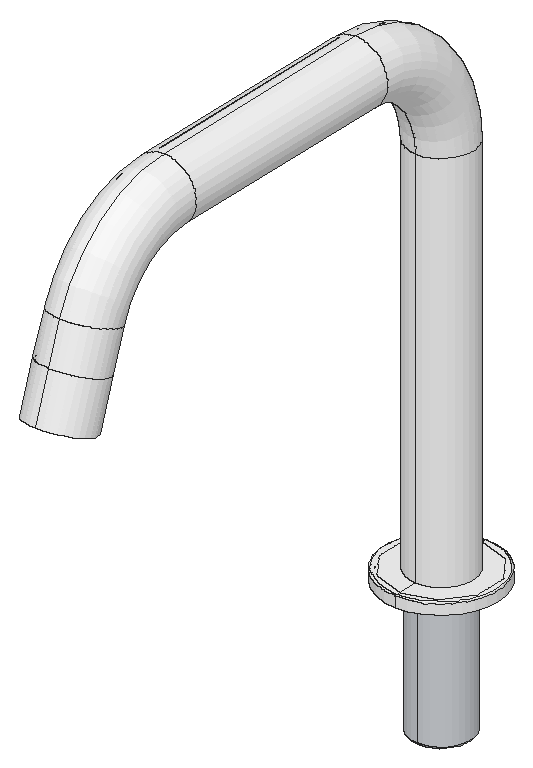
Revit family "Reece_Tap_Mizu_Drift_Bath Hob Outlet_Gooseneck", category Plumbing Fixtures, host Face, Revit 2018
Family settings
  Host = Face
  Round Connector Dimension = Use Diameter
  Part Type = Normal
  Cut with Voids When Loaded = No
  Shared = Yes
  Room Calculation Point = Yes
Parameters (values of type "210 mm_Chrome")
  WFU = 0  # constant formula
  URL = "https://www.reece.com.au/product/-9503823"
  Type Comments = "Tap"
  Reece_Tap_Reach = 210 mm  # constant formula
  Reece_Tap_Inlet = 14.2 mm  # constant formula
  Reece_Tap_Clearance = 153 mm  # constant formula
  Reece_Product_Web Page = "https://www.reece.com.au/product/-9503823"
  Reece_Product_Type = "Tap"
  Reece_Product_Sub Brand = "Drift"
  Reece_Product_Number = "9503823"
  Reece_Product_Mount = "Hob Mounted"
  Reece_Product_Description = "Mizu Drift Gooseneck Hob Bath Outlet Chrome"
  Reece_Product_Brand = "Mizu"
  Reece_Overall_Length = 249 mm  # constant formula
  Reece_Overall_Height = 235 mm  # constant formula
  Reece_Material_Main = Reece_Brass_Chrome
  Reece_Detail_Shape = "Gooseneck"
  Reece_Detail_Installation = ""
  Reece_Detail_Disclaimer = "THIS FILE IS THE PROPERTY OF THE REECE GROUP. IT MAY NOT BE REPRODUCED, REVERSE-ENGINEERED OR MODIFIED. ANY REPUBLICATION, TRANSMISSION OR DISTRIBUTION FOR THE PURPOSE OF COMMERCIALLY EXPLOITING THE FILES IS PROHIBITED."  # constant formula
  Reece_Detail_Connector = ""
  Reece_Detail_Additional = ""
  Reece_Base_Plate_Radius = 25 mm
  Model = "Drift"
  Manufacturer = "Mizu"
  Keynote = "Product #9503823, Reece_Tap_Mizu_Drift_Bath Hob Outlet_Gooseneck - 210 mm_Chrome"
  HWFU = 0  # constant formula
  Disclaimer = "THIS FILE IS THE PROPERTY OF THE REECE GROUP. IT MAY NOT BE REPRODUCED, REVERSE-ENGINEERED OR MODIFIED. ANY REPUBLICATION, TRANSMISSION OR DISTRIBUTION FOR THE PURPOSE OF COMMERCIALLY EXPLOITING THE FILES IS PROHIBITED."  # constant formula
  Description = "Bath Hob Outlet"
  Default Elevation = 1000 mm
  CWFU = 0  # constant formula
Reference planes
  plane 1 "Center (Front/Back)": y = 0
  plane 2 "Bottom": z = 0
  plane 3 "Center (Left/Right)": x = 0
  plane 4 "Top": z = 235
  plane 5 "Nozzel Reach": y = -210
  plane 6 "Nozzel Clearance": z = 153
Forms (mm)
  Revolve 1, solid, material "Reece_Brass_Chrome" <- "Reece_Material_Main"
    sketch origin (0, 0, 23) x (0, 1, 0) y (0, 0, 1)
      loop
        line (23, -18) -> (14, -18) -> (14, -19.954) -> (23, -19.954) -> (23, -23) -> (25, -23) -> (25, -18.5)
        arc (25, -18.5) -> (24.854, -18.146) -> (24.5, -18) r 0.5
        line (24.5, -18) -> (23, -18)
      axis (0, -18) -> (0, -23)
    angle from 0 to 360
  Sweep 2, solid, material "Reece_Brass_Chrome" <- "Reece_Material_Main"
    path origin (0, 57.354, -36.013) x (0, 0, 1) y (0, -1, 0)
      loop
        line (36.013, 57.354) -> (210.013, 57.354)
        arc (210.013, 57.354) -> (243.247, 71.12) -> (257.013, 104.354) r 47
        line (257.013, 104.354) -> (257.013, 209.694)
        arc (257.013, 209.694) -> (248.514, 236.652) -> (226.088, 253.859) r 47
        line (226.088, 253.859) -> (209.217, 260)
    profile origin (0, 0, 87) x (0, -1, 0) y (1, 0, 0)
      loop
        circle (0, 0) r 14
      loop
        circle (0, 0) r 13
  Sweep 3, solid, material "Reece_Brass_Chrome" <- "Reece_Material_Main"
    path origin (0, 57.373, -9.437) x (0, 0, 1) y (0, -1, 0)
      loop
        line (182.64, 260.019) -> (162.437, 267.373)
    profile origin (0, -206.323, 163.102) x (0, 0.939693, -0.34202) y (1, 0, 0)
      loop
        circle (0, 0) r 14
      loop
        circle (0, 0) r 10
  Extrusion 4, solid, material "Reece_Brass_Chrome" <- "Reece_Material_Main"
    sketch origin (0, -210, 153) x (1, 0, 0) y (0, -0.939693, 0.34202)
      loop
        circle (0, 0) r 10
    from -4.511 to -8.278
  Revolve 5, void
    sketch origin (0, 0, 39.453) x (0, 1, 0) y (0, 0, 1)
      loop
        line (-13, -39.453) -> (-13, -79.453) -> (0, -79.453) -> (0, -39.453) -> (-13, -39.453)
      axis (0, -39.453) -> (0, -79.453)
    angle from 0 to 360
  Revolve 6, solid
    sketch origin (0, 0, 39.453) x (0, 1, 0) y (0, 0, 1)
      loop
        line (-13, -39.453) -> (-13, -98.203) -> (-12, -99.203) -> (-7.25, -99.203) -> (-7.25, -40.453) -> (0, -40.453) -> (0, -39.453) -> (-13, -39.453)
      axis (0, -39.453) -> (0, -99.203)
    angle from 0 to 360
Text (mm)
  text "Reece Copyright © 2018, Reece Ltd." at (-1403.988, -1192.393, 0), in view "Ref. Level"
  text "Reece ©" at (44.384, 258.95, 192.345), in view "Reece Preview"
Dimensions and locks
  "Reece_Base_Plate_Radius": Revolve 1 sketch curve to Revolve 1 sketch curve
  Revolve 5 sketch curve to Revolve 5 sketch curve = 13 mm
  locked: Revolve 1 sketch curve to Revolve 1 sketch curve at 2
  "Reece_Overall_Height": plane 4 "Top" to plane 2 "Bottom"
  "Reece_Tap_Reach": plane 1 "Center (Front/Back)" to plane 5 "Nozzel Reach"
  "Reece_Tap_Clearance": plane 6 "Nozzel Clearance" to plane 2 "Bottom"
  locked: Revolve 1 sketch curve to Revolve 1 sketch curve at 14
  Revolve 6 sketch curve to Revolve 6 sketch curve = 13 mm
  aligned and locked: plane 2 "Bottom" to host face
  aligned and locked: level to host face
  aligned and locked: Revolve 5 sketch curve to Revolve 5 sketch curve
  aligned and locked: plane 2 "Bottom" to Sweep 2 sketch curve
  aligned and locked: Revolve 6 sketch curve to Revolve 6 sketch curve
Automatic sketch dimensions
  host sketch curve to host sketch curve = 380.785 mm
  host sketch curve to host sketch curve = 317.421 mm
  Sweep 2 sketch curve to Sweep 2 sketch curve = 0 mm  (x2)
  Sweep 2 sketch curve to profile plane = 0 mm  (x2)
  Sweep 3 sketch curve to Sweep 3 sketch curve = 0 mm  (x2)
  Sweep 3 sketch curve to profile plane = 0 mm  (x2)
  Sweep 3 sketch curve to Sweep 3 sketch curve = 10 mm
  level to Revolve 5 sketch curve = 0 mm
  Revolve 5 sketch curve to plane 1 "Center (Front/Back)" = 0 mm
  Revolve 5 sketch curve to level = 40 mm
  Revolve 5 sketch curve to Revolve 5 sketch curve = 261.356 mm
  Revolve 5 sketch curve to Revolve 5 sketch curve = 2175.687 mm
  Sweep 3 sketch curve to plane 5 "Nozzel Reach" = 0 mm
  Sweep 3 sketch curve to plane 6 "Nozzel Clearance" = 0 mm
  Sweep 3 sketch curve to plane 5 "Nozzel Reach" = 7.353 mm
  plane 6 "Nozzel Clearance" to Sweep 3 sketch curve = 20.203 mm
  Sweep 2 sketch curve to plane 1 "Center (Front/Back)" = 0 mm
  plane 6 "Nozzel Clearance" to Sweep 2 sketch curve = 21 mm  (x2)
  Sweep 2 sketch curve to plane 5 "Nozzel Reach" = 13.494 mm
  plane 6 "Nozzel Clearance" to Sweep 2 sketch curve = 37.075 mm
  Sweep 2 sketch curve to plane 4 "Top" = 14 mm
  Sweep 2 sketch curve to plane 5 "Nozzel Reach" = 7.353 mm
  Sweep 2 sketch curve to Sweep 2 sketch curve = 16.872 mm
  level to Revolve 6 sketch curve = 0 mm
  Revolve 6 sketch curve to plane 1 "Center (Front/Back)" = 0 mm
  Revolve 6 sketch curve to Revolve 6 sketch curve = 1 mm  (x2)
  Revolve 6 sketch curve to Revolve 6 sketch curve = 4.75 mm
  Revolve 6 sketch curve to level = 1 mm
  Revolve 6 sketch curve to Revolve 6 sketch curve = 57.75 mm
  Revolve 6 sketch curve to Revolve 6 sketch curve = 241.606 mm
  plane 4 "Top" to Revolve 6 sketch curve = 1940.687 mm
  Revolve 1 sketch curve to plane 1 "Center (Front/Back)" = 0 mm
  level to Revolve 1 sketch curve = 0 mm
  Revolve 1 sketch curve to Revolve 1 sketch curve = 0 mm
  Revolve 1 sketch curve to Revolve 1 sketch curve = 0.5 mm
  level to Revolve 1 sketch curve = 3.046 mm
  Revolve 1 sketch curve to Revolve 1 sketch curve = 1.454 mm
  Revolve 1 sketch curve to level = 317.81 mm
  plane 4 "Top" to Revolve 1 sketch curve = 473.812 mm
  radius of Sweep 2 sketch curve = 14 mm
  radius of Sweep 2 sketch curve = 13 mm
  radius of Sweep 3 sketch curve = 14 mm
  radius of Extrusion 4 sketch curve to Sweep 3 = 0 mm
Connectors
  piping at (0, 0, -1), diameter 14.2, driven by "Reece_Tap_Inlet"
    settings: on Revolve 6, index 1, connector inside diameter 609.6 mm, connector length 0 mm, flow factor 0, pipe flow 0.0 L/s, pressure drop 0.0 Pa, fitting loss kfactor 0, connector angle 0.00°, fixture units 0, engagement length 0 mm, angle of deflection 0.00°, flow configuration 0, flow direction 1, fitting loss method 0, system type 7, joint type 0, gender type 0, connector reference index -1, connector utility 0, adjustable connector no, is connector primary yes, connector description ""
